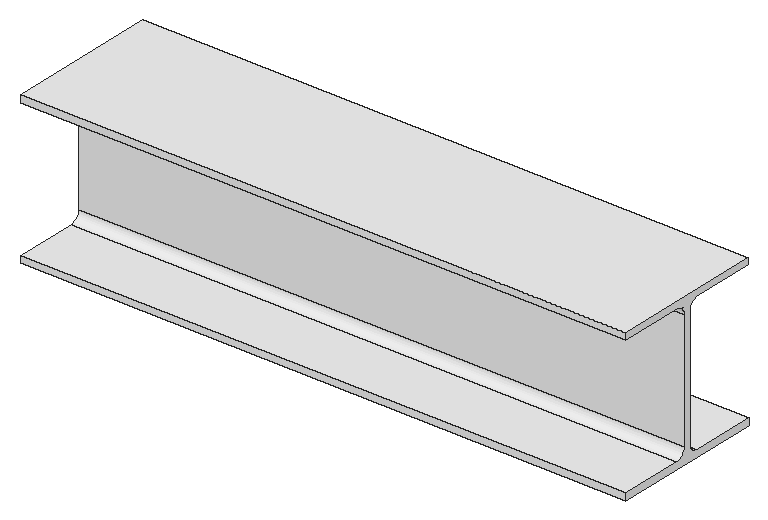
Revit family
Parameters (values of type "HP310X93")
  시작 확장 계산 [instance] = 3012.5 mm + 시작 확장  # 3000 mm
  시작 확장 [instance] = -12.5 mm
  끝 확장 계산 [instance] = 3012.5 mm + 끝 확장  # 3000 mm
  끝 확장 [instance] = -12.5 mm
  보 재료 [instance] = 금속 - 스틸 - 345 MPa
  Assembly Code = ""
  A = 0.012 m²
  Length [instance] = 1524 mm
  W = 0.919
  bf = 308 mm
  d = 303 mm
  k = 32 mm
  kr = k - tf  # 18.9 mm
  tf = 13.1 mm
  tw = 13.1 mm
Reference planes
  plane 1 "중심(앞/뒤)": y = 0
  plane 2: z = 0
  plane 3 "중심(왼쪽/오른쪽)": x = 4.61
  plane 4 "왼쪽 부재": x = -604.99
  plane 5 "오른쪽 부재": x = 614.21
  plane 6: y = 154
  plane 7: y = -154
  plane 8 "상단": z = 151.5
  plane 9: z = -151.5
  plane 10 "오른쪽": x = 766.61
  plane 11 "왼쪽": x = -757.39
  plane 12: x = -604.99
  plane 13: x = 614.21
  plane 14: x = 2395.01
  plane 15: x = -2385.79
Forms (mm)
  Sweep 1, solid, material "금속 - 스틸 - 345 MPa" <- "보 재료", detail levels fine
    path origin (0, 0, 0) x (1, 0, 0) y (0, 1, 0)
      loop
        line (614.21, 0) -> (-604.99, 0)
    profile "M_HP-내력 파일-프로파일-섬세 : M_HP-내력 파일-프로파일-섬세" origin (4.61, 0, 0) x (0, -1, 0) y (0, 0, 1)
      loop
        line (-154, -151.5) -> (154, -151.5) -> (154, -138.4) -> (25.45, -138.4)
        arc (25.45, -138.4) -> (12.086, -132.864) -> (6.55, -119.5) r 18.9
        line (6.55, -119.5) -> (6.55, 119.5)
        arc (6.55, 119.5) -> (12.086, 132.864) -> (25.45, 138.4) r 18.9
        line (25.45, 138.4) -> (154, 138.4) -> (154, 151.5) -> (-154, 151.5) -> (-154, 138.4) -> (-25.45, 138.4)
        arc (-25.45, 138.4) -> (-12.086, 132.864) -> (-6.55, 119.5) r 18.9
        line (-6.55, 119.5) -> (-6.55, -119.5)
        arc (-6.55, -119.5) -> (-12.086, -132.864) -> (-25.45, -138.4) r 18.9
        line (-25.45, -138.4) -> (-154, -138.4) -> (-154, -151.5)
  Sweep 2, solid, material "금속 - 스틸 - 345 MPa" <- "보 재료", detail levels medium
    path origin (0, 0, 0) x (1, 0, 0) y (0, 1, 0)
      loop
        line (614.21, 0) -> (-604.99, 0)
    profile "M_HP-내력 파일-프로파일-중간 : M_HP-내력 파일-프로파일-중간" origin (4.61, 0, 0) x (0, -1, 0) y (0, 0, 1)
      loop
        line (-154, -151.5) -> (154, -151.5) -> (154, -138.4) -> (6.55, -138.4) -> (6.55, 138.4) -> (154, 138.4) -> (154, 151.5) -> (-154, 151.5) -> (-154, 138.4) -> (-6.55, 138.4) -> (-6.55, -138.4) -> (-154, -138.4) -> (-154, -151.5)
Lines and regions (mm)
  symbolic lines, style "숨겨진 면", detail levels medium+fine
    curve 1: line (614.21, -6.5, 0) -> (-604.99, -6.5, 0)
    curve 2: line (614.21, 6.5, 0) -> (-604.99, 6.5, 0)
  symbolic lines, style "기호 부착", detail levels coarse
    curve 3: line (4.61, 154, 151.5) -> (4.61, -154, 151.5)
    curve 4: line (4.61, -154, -151.5) -> (4.61, 154, -151.5)
    curve 5: line (4.61, 0, -151.5) -> (4.61, 0, 151.5)
Dimensions and locks
  "bf": plane 6 to plane 7
  "d": plane 9 to plane 8 "상단"
  equal spacing: plane 9, plane 2, plane 8 "상단"
  equal spacing: plane 6, plane 1 "중심(앞/뒤)", plane 7
  "Length": plane 11 "왼쪽" to plane 10 "오른쪽"
  locked: plane 4 "왼쪽 부재" to plane 14 at 3000
  locked: plane 15 to plane 5 "오른쪽 부재" at 3000
  "시작 확장 계산": plane 12 to plane 14
  "끝 확장 계산": plane 15 to plane 13
  aligned and locked: Sweep 1 sketch curve to plane 1 "중심(앞/뒤)"
  aligned and locked: Sweep 2 sketch curve to plane 1 "중심(앞/뒤)"
  aligned and locked: Sweep 2 to curve 3  (x2)
  aligned and locked: Sweep 2 to curve 4  (x2)
  aligned and locked: curve 3 to Sweep 2
  aligned and locked: curve 4 to Sweep 2
  aligned and locked: plane 12 to Sweep 2 sketch curve
  aligned and locked: plane 13 to Sweep 2 sketch curve
  aligned and locked: plane 12 to Sweep 1 sketch curve
  aligned and locked: plane 13 to Sweep 1 sketch curve
  aligned and locked: plane 12 to curve 1
  aligned and locked: plane 12 to curve 2
  aligned and locked: plane 13 to curve 1
  aligned and locked: plane 13 to curve 2
Automatic sketch dimensions
  plane 1 "중심(앞/뒤)" to curve 1 = 6.5 mm
  curve 2 to plane 1 "중심(앞/뒤)" = 6.5 mm
  curve 5 to plane 1 "중심(앞/뒤)" = 0 mm
